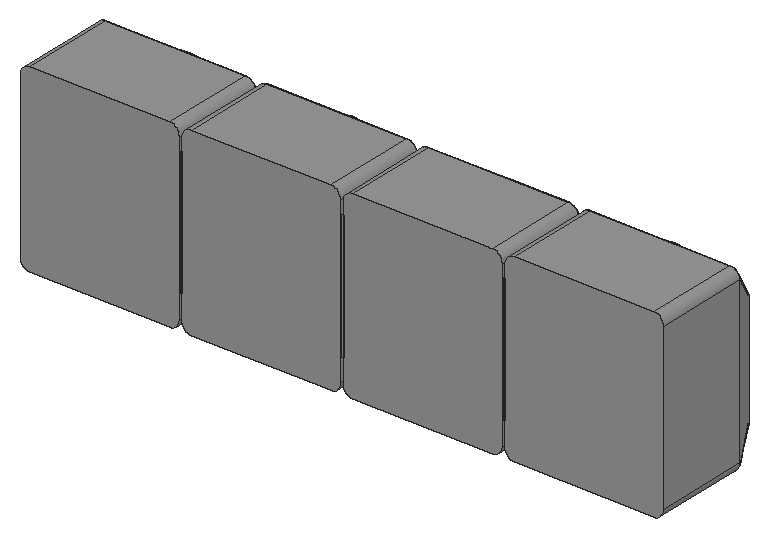
Revit family "IEK_РозеткаСетевая_ОткрытойУстановки_C ЗК с КР 16А четырехместная IP54_ГЕРМЕС PLUS", category Электрические приборы, Revit 2019
Family settings
  Сохранять ориентацию аннотаций = Да
  Размер круглого соединителя = Использовать диаметр
  Тип детали = Нормальный
  На основе рабочей плоскости = Нет
  Всегда вертикально = Да
  При загрузке вырезать с полостями = Нет
  Общий = Нет
  Точка расчета площади = Нет
Parameters (values of type "РСб24-3-ГПБд")
  Ширина = 290 mm  # constant formula
  Тип монтажа = "Поверхность монтажа (открытая установка)"  # constant formula
  Степень защиты = "IP54"  # constant formula
  Материал крышки = Цвет дымчатый
  Изготовитель = "IEK"  # constant formula
  Дата изменения = ""
  Глубина = 52 mm  # constant formula
  Высота = 72 mm  # constant formula
  ΔХ [instance] = 2000 mm
  ΔY [instance] = 2000 mm
  KSI_CPr_Строительные изделия = "20.4.03.04 20.4.03.05 20.4.03.06"  # constant formula
  KSI_CMa_Строительные материалы = "01.7.14.03"  # constant formula
  IEK_Цена за единицу = 1217.23  # constant formula
  IEK_Поиск в таблице имен = ""
  IEK_Описание = "Изделия серии \"ГЕРМЕС PLUS\" используются в помещениях с повышенной влажностью или запыленностью, а также под навесом на открытом воздухе."
  IEK_URL = "https://www.iek.ru/products/catalog/izdeliya_elektroustanovochnye_udliniteli_i_silovye_razemy/elektroustanovochnye_izdeliya/elektroustanovochnye_izdeliya_otkrytogo_montazha_ip44_ip54/elektroustanovochnye_izdeliya_germes_plus/rozetka_4_mestnaya_dlya_otkrytoy_ustanovki_rsb24_3_gpbd_s_zazemlyayushchim_kontaktom_ip54_germes_plus_tsvet_kryshki_dymchatyy_iek"
  ADSK_Ток [instance] = 16 A  # constant formula
  ADSK_Примечание = ""
  ADSK_Полная мощность [instance] = ADSK_Номинальная мощность / ADSK_Коэффициент мощности  # 3520 VA
  ADSK_Позиция [instance] = ""
  ADSK_Номинальная мощность [instance] = ADSK_Ток * ADSK_Напряжение * sqrt(ADSK_Количество фаз числовое) * ADSK_Коэффициент мощности  # 3520 W
  ADSK_Напряжение = 220 V
  ADSK_Наименование = "Розетка 4-местная для открытой установки РСб24-3-ГПБд с заземляющим контактом IP54 ГЕРМЕС PLUS (цвет крышки: дымчатый) IEK"
  ADSK_Материал обозначение = ""
  ADSK_Материал наименование = "Пластик"  # constant formula
  ADSK_Материал = Цвет белый
  ADSK_Масса = 0.513  # constant formula
  ADSK_Марка = "ГЕРМЕС PLUS"  # constant formula
  ADSK_Коэффициент мощности [instance] = 1  # constant formula
  ADSK_Количество фаз числовое = 1
  ADSK_Количество фаз = 1
  ADSK_Код изделия = "ERMP42-K03-16-54-EC"
  ADSK_Классификация нагрузок [instance] = Прочее
  ADSK_Завод-изготовитель = "IEK"  # constant formula
  ADSK_Единица измерения = "шт"  # constant formula
  ADSK_Группирование = "III ЭЛЕКТРОУСТАНОВОЧНЫЕ И ЭЛЕКТРОМОНТАЖНЫЕ ИЗДЕЛИЯ"  # constant formula
  ADSK_Версия семейства = "1.0"  # constant formula
  ADSK_Версия Revit = "2019"  # constant formula
  ADSK_URL страницы изделия = "https://www.iek.ru/products/catalog/izdeliya_elektroustanovochnye_udliniteli_i_silovye_razemy/elektroustanovochnye_izdeliya/elektroustanovochnye_izdeliya_otkrytogo_montazha_ip44_ip54/elektroustanovochnye_izdeliya_germes_plus/?pagec=100"
Types (3, lengths in mm): name | Материал крышки | IEK_URL | ADSK_Наименование | ADSK_Код изделия
  (no name) | Цвет дымчатый | "https://www.iek.ru/products/catalog/izdeliya_elektroustanovochnye_udliniteli_i_silovye_razemy/elektroustanovochnye_izdeliya/elektroustanovochnye_izdeliya_otkrytogo_montazha_ip44_ip54/elektroustanovochnye_izdeliya_germes_plus/rozetka_4_mestnaya_dlya_otkrytoy_ustanovki_rsb24_3_gpbd_s_zazemlyayushchim_kontaktom_ip54_germes_plus_tsvet_kryshki_dymchatyy_iek" | "Розетка 4-местная для открытой установки РСб24-3-ГПБд с заземляющим контактом IP54 ГЕРМЕС PLUS (цвет крышки: дымчатый) IEK" | "ERMP42-K03-16-54-EC"
  РСб24-3-ГПБб | Цвет белый | "https://www.iek.ru/products/catalog/izdeliya_elektroustanovochnye_udliniteli_i_silovye_razemy/elektroustanovochnye_izdeliya/elektroustanovochnye_izdeliya_otkrytogo_montazha_ip44_ip54/elektroustanovochnye_izdeliya_germes_plus/rozetka_4_mestnaya_dlya_otkrytoy_ustanovki_rsb24_3_gpbb_s_zazemlyayushchim_kontaktom_ip54_germes_plus_belyy_iek" | "Розетка 4-местная для открытой установки РСб24-3-ГПБб с заземляющим контактом IP54 ГЕРМЕС PLUS белый IEK" | "ERMP42-K01-16-54-EC"
  РСб24-3-ГПБд | Цвет дымчатый | "https://www.iek.ru/products/catalog/izdeliya_elektroustanovochnye_udliniteli_i_silovye_razemy/elektroustanovochnye_izdeliya/elektroustanovochnye_izdeliya_otkrytogo_montazha_ip44_ip54/elektroustanovochnye_izdeliya_germes_plus/rozetka_4_mestnaya_dlya_otkrytoy_ustanovki_rsb24_3_gpbd_s_zazemlyayushchim_kontaktom_ip54_germes_plus_tsvet_kryshki_dymchatyy_iek" | "Розетка 4-местная для открытой установки РСб24-3-ГПБд с заземляющим контактом IP54 ГЕРМЕС PLUS (цвет крышки: дымчатый) IEK" | "ERMP42-K03-16-54-EC"
Reference planes
  plane 1 "По центру (Вперед/Назад)": y = 0
  plane 2: z = 0
  plane 3 "По центру (Влево/Вправо)": x = 0
  plane 4 "Высота ножек": z = 280
  plane 5 "Высота": z = 2081.496
  plane 6: x = -2000
  plane 7: y = 2000
Forms (mm)
  Extrusion 1, solid, material "Цвет белый" <- "ADSK_Материал", detail levels fine
    sketch origin (-33, 0, 37.5) x (1, 0, 0) y (0, 0, -1)
      loop
        line (-32.5, 33.5) -> (-32.5, -33.45)
        arc (-32.5, -33.45) -> (-31.314, -36.314) -> (-28.45, -37.5) r 4.05
        line (-28.45, -37.5) -> (28.5, -37.5)
        arc (28.5, -37.5) -> (31.328, -36.328) -> (32.5, -33.5) r 4
        line (32.5, -33.5) -> (32.5, 33.5)
        arc (32.5, 33.5) -> (31.328, 36.328) -> (28.5, 37.5) r 4
        line (28.5, 37.5) -> (-28.5, 37.5)
        arc (-28.5, 37.5) -> (-31.328, 36.328) -> (-32.5, 33.5) r 4
    from 0 to 38.682
  Blend 2, solid, material "Цвет белый" <- "ADSK_Материал", detail levels fine
    base sketch origin (-33, 0, 37.5) x (1, 0, 0) y (0, 0, -1)
      loop
        line (-32.5, 33.5) -> (-32.5, -33.5)
        arc (-32.5, -33.5) -> (-31.328, -36.328) -> (-28.5, -37.5) r 4
        line (-28.5, -37.5) -> (28.5, -37.5)
        arc (28.5, -37.5) -> (31.328, -36.328) -> (32.5, -33.5) r 4
        line (32.5, -33.5) -> (32.5, 33.5)
        arc (32.5, 33.5) -> (31.328, 36.328) -> (28.5, 37.5) r 4
        line (28.5, 37.5) -> (-28.5, 37.5)
        arc (-28.5, 37.5) -> (-31.328, 36.328) -> (-32.5, 33.5) r 4
    top sketch origin (-33, 0, 37.5) x (1, 0, 0) y (0, 0, -1)
      loop
        line (-30.1, 23.034) -> (-30.1, -24.041)
        arc (-30.1, -24.041) -> (-29.819, -24.719) -> (-29.141, -25) r 0.959
        line (-29.141, -25) -> (29.141, -25)
        arc (29.141, -25) -> (29.819, -24.719) -> (30.1, -24.041) r 0.959
        line (30.1, -24.041) -> (30.1, 23.034)
        arc (30.1, 23.034) -> (29.819, 23.712) -> (29.141, 23.993) r 0.959
        line (29.141, 23.993) -> (-29.141, 23.993)
        arc (-29.141, 23.993) -> (-29.819, 23.712) -> (-30.1, 23.034) r 0.959
    from 38.682 to 46.099
  Extrusion 3, void
    sketch origin (-32.975, 0, 37.5) x (1, 0, 0) y (0, 0, -1)
      loop
        arc (-16.762, -9.964) -> (-0.012, -19.5) -> (16.75, -9.984) r 19.5
        line (16.75, -9.984) -> (16.75, -2.25) -> (19.37, -2.25)
        arc (19.37, -2.25) -> (19.5, 0) -> (19.37, 2.25) r 19.5
        line (19.37, 2.25) -> (16.75, 2.25) -> (16.75, 9.984)
        arc (16.75, 9.984) -> (0, 19.5) -> (-16.75, 9.984) r 19.5
        line (-16.75, 9.984) -> (-16.75, 2.25) -> (-19.37, 2.25)
        arc (-19.37, 2.25) -> (-19.5, 0) -> (-19.37, -2.25) r 19.5
        line (-19.37, -2.25) -> (-16.75, -2.25) -> (-16.762, -9.964)
    from 26.4 to 46.099
  Extrusion 4, void
    sketch origin (-32.975, 0, 37.5) x (1, 0, 0) y (0, 0, -1)
      loop
        circle (-9.525, 0) r 2.758
      loop
        circle (9.525, 0) r 2.758
    from 26.4 to 5.7
  Extrusion 5, void
    sketch origin (-33, 0, 39.041) x (1, 0, 0) y (0, 0, -1)
      loop
        arc (-28.5, -24.189) -> (-27.914, -25.603) -> (-26.5, -26.189) r 2
        line (-26.5, -26.189) -> (26.5, -26.189)
        arc (26.5, -26.189) -> (27.914, -25.603) -> (28.5, -24.189) r 2
        line (28.5, -24.189) -> (28.5, 37.041)
        arc (28.5, 37.041) -> (27.914, 38.456) -> (26.5, 39.041) r 2
        line (26.5, 39.041) -> (-26.5, 39.041)
        arc (-26.5, 39.041) -> (-27.914, 38.456) -> (-28.5, 37.041) r 2
        line (-28.5, 37.041) -> (-28.5, -24.189)
      loop
        line (5, 26.541) -> (-5, 26.541) -> (-15.069, 16.168)
        arc (-15.069, 16.168) -> (-21, 1.541) -> (-15.069, -13.085) r 21
        line (-15.069, -13.085) -> (-5, -23.459) -> (5, -23.459) -> (15.069, -13.085)
        arc (15.069, -13.085) -> (21, 1.541) -> (15.069, 16.168) r 21
        line (15.069, 16.168) -> (5, 26.541)
    from 38.682 to 46.099
  Extrusion 6, void
    sketch origin (-33, 0, 37.5) x (1, 0, 0) y (0, 0, -1)
      loop
        line (-22.764, -27) -> (-14.278, -27)
        arc (-14.278, -27) -> (0, -32.5) -> (14.278, -27) r 21.282
        line (14.278, -27) -> (22.764, -27) -> (22.764, 26.4) -> (-22.764, 26.4) -> (-22.764, -27)
    from 43.6 to 46.099
  Extrusion 7, solid, material "Цвет дымчатый" <- "Материал крышки", detail levels fine
    sketch origin (-32.975, 0, 37.5) x (0, 0, -1) y (0, 1, 0)
      loop
        line (23.993, 46.099) -> (-27, 46.099) -> (-27, 45.121) -> (23.993, 45.121) -> (35.72, 38.682) -> (37.5, 38.682) -> (23.993, 46.099)
    from -28 to 28
  Extrusion 8, solid, material "Цвет дымчатый" <- "Материал крышки", detail levels fine
    sketch origin (-32.975, 0, 37.5) x (1, 0, 0) y (0, 0, -1)
      loop
        arc (-14.278, -27) -> (0, -32.5) -> (14.278, -27) r 21.282
        line (14.278, -27) -> (-14.278, -27)
    from 45.121 to 46.099
  Blend 9, solid, material "Цвет белый" <- "ADSK_Материал", detail levels fine
    base sketch origin (33, 0, 37.5) x (1, 0, 0) y (0, 0, -1)
      loop
        line (-32.5, 33.5) -> (-32.5, -33.5)
        arc (-32.5, -33.5) -> (-31.328, -36.328) -> (-28.5, -37.5) r 4
        line (-28.5, -37.5) -> (28.5, -37.5)
        arc (28.5, -37.5) -> (31.328, -36.328) -> (32.5, -33.5) r 4
        line (32.5, -33.5) -> (32.5, 33.5)
        arc (32.5, 33.5) -> (31.328, 36.328) -> (28.5, 37.5) r 4
        line (28.5, 37.5) -> (-28.5, 37.5)
        arc (-28.5, 37.5) -> (-31.328, 36.328) -> (-32.5, 33.5) r 4
    top sketch origin (33, 0, 37.5) x (1, 0, 0) y (0, 0, -1)
      loop
        line (-30.1, 23.034) -> (-30.1, -24.041)
        arc (-30.1, -24.041) -> (-29.819, -24.719) -> (-29.141, -25) r 0.959
        line (-29.141, -25) -> (29.141, -25)
        arc (29.141, -25) -> (29.819, -24.719) -> (30.1, -24.041) r 0.959
        line (30.1, -24.041) -> (30.1, 23.034)
        arc (30.1, 23.034) -> (29.819, 23.712) -> (29.141, 23.993) r 0.959
        line (29.141, 23.993) -> (-29.141, 23.993)
        arc (-29.141, 23.993) -> (-29.819, 23.712) -> (-30.1, 23.034) r 0.959
    from 38.682 to 46.099
  Extrusion 10, solid, material "Цвет белый" <- "ADSK_Материал", detail levels fine
    sketch origin (33, 0, 37.5) x (1, 0, 0) y (0, 0, -1)
      loop
        line (-32.5, 33.5) -> (-32.5, -33.45)
        arc (-32.5, -33.45) -> (-31.314, -36.314) -> (-28.45, -37.5) r 4.05
        line (-28.45, -37.5) -> (28.5, -37.5)
        arc (28.5, -37.5) -> (31.328, -36.328) -> (32.5, -33.5) r 4
        line (32.5, -33.5) -> (32.5, 33.5)
        arc (32.5, 33.5) -> (31.328, 36.328) -> (28.5, 37.5) r 4
        line (28.5, 37.5) -> (-28.5, 37.5)
        arc (-28.5, 37.5) -> (-31.328, 36.328) -> (-32.5, 33.5) r 4
    from 0 to 38.682
  Extrusion 11, void
    sketch origin (33.025, 0, 37.5) x (1, 0, 0) y (0, 0, -1)
      loop
        arc (-16.762, -9.964) -> (-0.012, -19.5) -> (16.75, -9.984) r 19.5
        line (16.75, -9.984) -> (16.75, -2.25) -> (19.37, -2.25)
        arc (19.37, -2.25) -> (19.5, 0) -> (19.37, 2.25) r 19.5
        line (19.37, 2.25) -> (16.75, 2.25) -> (16.75, 9.984)
        arc (16.75, 9.984) -> (0, 19.5) -> (-16.75, 9.984) r 19.5
        line (-16.75, 9.984) -> (-16.75, 2.25) -> (-19.37, 2.25)
        arc (-19.37, 2.25) -> (-19.5, 0) -> (-19.37, -2.25) r 19.5
        line (-19.37, -2.25) -> (-16.75, -2.25) -> (-16.762, -9.964)
    from 26.4 to 46.099
  Extrusion 12, void
    sketch origin (33.025, 0, 37.5) x (1, 0, 0) y (0, 0, -1)
      loop
        circle (-9.525, 0) r 2.758
      loop
        circle (9.525, 0) r 2.758
    from 26.4 to 5.7
  Extrusion 13, void
    sketch origin (33, 0, 39.041) x (1, 0, 0) y (0, 0, -1)
      loop
        arc (-28.5, -24.189) -> (-27.914, -25.603) -> (-26.5, -26.189) r 2
        line (-26.5, -26.189) -> (26.5, -26.189)
        arc (26.5, -26.189) -> (27.914, -25.603) -> (28.5, -24.189) r 2
        line (28.5, -24.189) -> (28.5, 37.041)
        arc (28.5, 37.041) -> (27.914, 38.456) -> (26.5, 39.041) r 2
        line (26.5, 39.041) -> (-26.5, 39.041)
        arc (-26.5, 39.041) -> (-27.914, 38.456) -> (-28.5, 37.041) r 2
        line (-28.5, 37.041) -> (-28.5, -24.189)
      loop
        line (5, 26.541) -> (-5, 26.541) -> (-15.069, 16.168)
        arc (-15.069, 16.168) -> (-21, 1.541) -> (-15.069, -13.085) r 21
        line (-15.069, -13.085) -> (-5, -23.459) -> (5, -23.459) -> (15.069, -13.085)
        arc (15.069, -13.085) -> (21, 1.541) -> (15.069, 16.168) r 21
        line (15.069, 16.168) -> (5, 26.541)
    from 38.682 to 46.099
  Extrusion 14, void
    sketch origin (33, 0, 37.5) x (1, 0, 0) y (0, 0, -1)
      loop
        line (-22.764, -27) -> (-14.278, -27)
        arc (-14.278, -27) -> (0, -32.5) -> (14.278, -27) r 21.282
        line (14.278, -27) -> (22.764, -27) -> (22.764, 26.4) -> (-22.764, 26.4) -> (-22.764, -27)
    from 43.6 to 46.099
  Extrusion 15, solid, material "Цвет дымчатый" <- "Материал крышки", detail levels fine
    sketch origin (33, 0, 37.5) x (0, 0, -1) y (0, 1, 0)
      loop
        line (23.993, 46.099) -> (-27, 46.099) -> (-27, 45.121) -> (23.993, 45.121) -> (35.72, 38.682) -> (37.5, 38.682) -> (23.993, 46.099)
    from -28 to 28
  Extrusion 16, solid, material "Цвет дымчатый" <- "Материал крышки", detail levels fine
    sketch origin (33, 0, 37.5) x (1, 0, 0) y (0, 0, -1)
      loop
        arc (-14.278, -27) -> (0, -32.5) -> (14.278, -27) r 21.282
        line (14.278, -27) -> (-14.278, -27)
    from 45.121 to 46.099
  Extrusion 17, solid, material "Цвет белый" <- "ADSK_Материал", detail levels fine
    sketch origin (0, 0, 37.5) x (1, 0, 0) y (0, 0, -1)
      loop
        line (-0.5, 23.775) -> (-0.5, -28.284) -> (0.5, -28.284) -> (0.5, 23.775) -> (-0.5, 23.775)
    from 0 to 15
  Blend 18, solid, material "Цвет белый" <- "ADSK_Материал", detail levels fine
    base sketch origin (99, 0, 37.5) x (1, 0, 0) y (0, 0, -1)
      loop
        line (-32.5, 33.5) -> (-32.5, -33.5)
        arc (-32.5, -33.5) -> (-31.328, -36.328) -> (-28.5, -37.5) r 4
        line (-28.5, -37.5) -> (28.5, -37.5)
        arc (28.5, -37.5) -> (31.328, -36.328) -> (32.5, -33.5) r 4
        line (32.5, -33.5) -> (32.5, 33.5)
        arc (32.5, 33.5) -> (31.328, 36.328) -> (28.5, 37.5) r 4
        line (28.5, 37.5) -> (-28.5, 37.5)
        arc (-28.5, 37.5) -> (-31.328, 36.328) -> (-32.5, 33.5) r 4
    top sketch origin (99, 0, 37.5) x (1, 0, 0) y (0, 0, -1)
      loop
        line (-30.1, 23.034) -> (-30.1, -24.041)
        arc (-30.1, -24.041) -> (-29.819, -24.719) -> (-29.141, -25) r 0.959
        line (-29.141, -25) -> (29.141, -25)
        arc (29.141, -25) -> (29.819, -24.719) -> (30.1, -24.041) r 0.959
        line (30.1, -24.041) -> (30.1, 23.034)
        arc (30.1, 23.034) -> (29.819, 23.712) -> (29.141, 23.993) r 0.959
        line (29.141, 23.993) -> (-29.141, 23.993)
        arc (-29.141, 23.993) -> (-29.819, 23.712) -> (-30.1, 23.034) r 0.959
    from 38.682 to 46.099
  Extrusion 19, solid, material "Цвет белый" <- "ADSK_Материал", detail levels fine
    sketch origin (66, 0, 37.5) x (1, 0, 0) y (0, 0, -1)
      loop
        line (-0.5, 23.775) -> (-0.5, -28.284) -> (0.5, -28.284) -> (0.5, 23.775) -> (-0.5, 23.775)
    from 0 to 15
  Extrusion 20, solid, material "Цвет белый" <- "ADSK_Материал", detail levels fine
    sketch origin (99, 0, 37.5) x (1, 0, 0) y (0, 0, -1)
      loop
        line (-32.5, 33.5) -> (-32.5, -33.45)
        arc (-32.5, -33.45) -> (-31.314, -36.314) -> (-28.45, -37.5) r 4.05
        line (-28.45, -37.5) -> (28.5, -37.5)
        arc (28.5, -37.5) -> (31.328, -36.328) -> (32.5, -33.5) r 4
        line (32.5, -33.5) -> (32.5, 33.5)
        arc (32.5, 33.5) -> (31.328, 36.328) -> (28.5, 37.5) r 4
        line (28.5, 37.5) -> (-28.5, 37.5)
        arc (-28.5, 37.5) -> (-31.328, 36.328) -> (-32.5, 33.5) r 4
    from 0 to 38.682
  Extrusion 21, solid, material "Цвет белый" <- "ADSK_Материал", detail levels fine
    sketch origin (-99, 0, 37.5) x (1, 0, 0) y (0, 0, -1)
      loop
        line (-32.5, 33.5) -> (-32.5, -33.45)
        arc (-32.5, -33.45) -> (-31.314, -36.314) -> (-28.45, -37.5) r 4.05
        line (-28.45, -37.5) -> (28.5, -37.5)
        arc (28.5, -37.5) -> (31.328, -36.328) -> (32.5, -33.5) r 4
        line (32.5, -33.5) -> (32.5, 33.5)
        arc (32.5, 33.5) -> (31.328, 36.328) -> (28.5, 37.5) r 4
        line (28.5, 37.5) -> (-28.5, 37.5)
        arc (-28.5, 37.5) -> (-31.328, 36.328) -> (-32.5, 33.5) r 4
    from 0 to 38.682
  Blend 22, solid, material "Цвет белый" <- "ADSK_Материал", detail levels fine
    base sketch origin (-99, 0, 37.5) x (1, 0, 0) y (0, 0, -1)
      loop
        line (-32.5, 33.5) -> (-32.5, -33.5)
        arc (-32.5, -33.5) -> (-31.328, -36.328) -> (-28.5, -37.5) r 4
        line (-28.5, -37.5) -> (28.5, -37.5)
        arc (28.5, -37.5) -> (31.328, -36.328) -> (32.5, -33.5) r 4
        line (32.5, -33.5) -> (32.5, 33.5)
        arc (32.5, 33.5) -> (31.328, 36.328) -> (28.5, 37.5) r 4
        line (28.5, 37.5) -> (-28.5, 37.5)
        arc (-28.5, 37.5) -> (-31.328, 36.328) -> (-32.5, 33.5) r 4
    top sketch origin (-99, 0, 37.5) x (1, 0, 0) y (0, 0, -1)
      loop
        line (-30.1, 23.034) -> (-30.1, -24.041)
        arc (-30.1, -24.041) -> (-29.819, -24.719) -> (-29.141, -25) r 0.959
        line (-29.141, -25) -> (29.141, -25)
        arc (29.141, -25) -> (29.819, -24.719) -> (30.1, -24.041) r 0.959
        line (30.1, -24.041) -> (30.1, 23.034)
        arc (30.1, 23.034) -> (29.819, 23.712) -> (29.141, 23.993) r 0.959
        line (29.141, 23.993) -> (-29.141, 23.993)
        arc (-29.141, 23.993) -> (-29.819, 23.712) -> (-30.1, 23.034) r 0.959
    from 38.682 to 46.099
  Extrusion 23, solid, material "Цвет белый" <- "ADSK_Материал", detail levels fine
    sketch origin (-66, 0, 37.5) x (1, 0, 0) y (0, 0, -1)
      loop
        line (-0.5, 23.775) -> (-0.5, -28.284) -> (0.5, -28.284) -> (0.5, 23.775) -> (-0.5, 23.775)
    from 0 to 15
  Extrusion 24, void
    sketch origin (-98.975, 0, 37.5) x (1, 0, 0) y (0, 0, -1)
      loop
        arc (-16.762, -9.964) -> (-0.012, -19.5) -> (16.75, -9.984) r 19.5
        line (16.75, -9.984) -> (16.75, -2.25) -> (19.37, -2.25)
        arc (19.37, -2.25) -> (19.5, 0) -> (19.37, 2.25) r 19.5
        line (19.37, 2.25) -> (16.75, 2.25) -> (16.75, 9.984)
        arc (16.75, 9.984) -> (0, 19.5) -> (-16.75, 9.984) r 19.5
        line (-16.75, 9.984) -> (-16.75, 2.25) -> (-19.37, 2.25)
        arc (-19.37, 2.25) -> (-19.5, 0) -> (-19.37, -2.25) r 19.5
        line (-19.37, -2.25) -> (-16.75, -2.25) -> (-16.762, -9.964)
    from 26.4 to 46.099
  Extrusion 25, void
    sketch origin (-98.975, 0, 37.5) x (1, 0, 0) y (0, 0, -1)
      loop
        circle (-9.525, 0) r 2.758
      loop
        circle (9.525, 0) r 2.758
    from 26.4 to 5.7
  Extrusion 26, void
    sketch origin (99, 0, 37.5) x (1, 0, 0) y (0, 0, -1)
      loop
        arc (-16.762, -9.964) -> (-0.012, -19.5) -> (16.75, -9.984) r 19.5
        line (16.75, -9.984) -> (16.75, -2.25) -> (19.37, -2.25)
        arc (19.37, -2.25) -> (19.5, 0) -> (19.37, 2.25) r 19.5
        line (19.37, 2.25) -> (16.75, 2.25) -> (16.75, 9.984)
        arc (16.75, 9.984) -> (0, 19.5) -> (-16.75, 9.984) r 19.5
        line (-16.75, 9.984) -> (-16.75, 2.25) -> (-19.37, 2.25)
        arc (-19.37, 2.25) -> (-19.5, 0) -> (-19.37, -2.25) r 19.5
        line (-19.37, -2.25) -> (-16.75, -2.25) -> (-16.762, -9.964)
    from 26.4 to 46.099
  Extrusion 27, void
    sketch origin (99, 0, 37.5) x (1, 0, 0) y (0, 0, -1)
      loop
        circle (-9.525, 0) r 2.758
      loop
        circle (9.525, 0) r 2.758
    from 26.4 to 5.7
  Extrusion 28, void
    sketch origin (99, 0, 39.041) x (1, 0, 0) y (0, 0, -1)
      loop
        arc (-28.5, -24.189) -> (-27.914, -25.603) -> (-26.5, -26.189) r 2
        line (-26.5, -26.189) -> (26.5, -26.189)
        arc (26.5, -26.189) -> (27.914, -25.603) -> (28.5, -24.189) r 2
        line (28.5, -24.189) -> (28.5, 37.041)
        arc (28.5, 37.041) -> (27.914, 38.456) -> (26.5, 39.041) r 2
        line (26.5, 39.041) -> (-26.5, 39.041)
        arc (-26.5, 39.041) -> (-27.914, 38.456) -> (-28.5, 37.041) r 2
        line (-28.5, 37.041) -> (-28.5, -24.189)
      loop
        line (5, 26.541) -> (-5, 26.541) -> (-15.069, 16.168)
        arc (-15.069, 16.168) -> (-21, 1.541) -> (-15.069, -13.085) r 21
        line (-15.069, -13.085) -> (-5, -23.459) -> (5, -23.459) -> (15.069, -13.085)
        arc (15.069, -13.085) -> (21, 1.541) -> (15.069, 16.168) r 21
        line (15.069, 16.168) -> (5, 26.541)
    from 38.682 to 46.099
  Extrusion 29, void
    sketch origin (-99, 0, 39.041) x (1, 0, 0) y (0, 0, -1)
      loop
        arc (-28.5, -24.189) -> (-27.914, -25.603) -> (-26.5, -26.189) r 2
        line (-26.5, -26.189) -> (26.5, -26.189)
        arc (26.5, -26.189) -> (27.914, -25.603) -> (28.5, -24.189) r 2
        line (28.5, -24.189) -> (28.5, 37.041)
        arc (28.5, 37.041) -> (27.914, 38.456) -> (26.5, 39.041) r 2
        line (26.5, 39.041) -> (-26.5, 39.041)
        arc (-26.5, 39.041) -> (-27.914, 38.456) -> (-28.5, 37.041) r 2
        line (-28.5, 37.041) -> (-28.5, -24.189)
      loop
        line (5, 26.541) -> (-5, 26.541) -> (-15.069, 16.168)
        arc (-15.069, 16.168) -> (-21, 1.541) -> (-15.069, -13.085) r 21
        line (-15.069, -13.085) -> (-5, -23.459) -> (5, -23.459) -> (15.069, -13.085)
        arc (15.069, -13.085) -> (21, 1.541) -> (15.069, 16.168) r 21
        line (15.069, 16.168) -> (5, 26.541)
    from 38.682 to 46.099
  Extrusion 30, void
    sketch origin (99.25, 0, 37.5) x (1, 0, 0) y (0, 0, -1)
      loop
        line (-22.764, -27) -> (-14.278, -27)
        arc (-14.278, -27) -> (0, -32.5) -> (14.278, -27) r 21.282
        line (14.278, -27) -> (22.764, -27) -> (22.764, 26.4) -> (-22.764, 26.4) -> (-22.764, -27)
    from 43.6 to 46.099
  Extrusion 31, void
    sketch origin (-98.775, 0, 37.5) x (1, 0, 0) y (0, 0, -1)
      loop
        line (-22.764, -27) -> (-14.278, -27)
        arc (-14.278, -27) -> (0, -32.5) -> (14.278, -27) r 21.282
        line (14.278, -27) -> (22.764, -27) -> (22.764, 26.4) -> (-22.764, 26.4) -> (-22.764, -27)
    from 43.6 to 46.099
  Extrusion 32, solid, material "Цвет дымчатый" <- "Материал крышки", detail levels fine
    sketch origin (-99, 0, 37.5) x (0, 0, -1) y (0, 1, 0)
      loop
        line (23.993, 46.099) -> (-27, 46.099) -> (-27, 45.121) -> (23.993, 45.121) -> (35.72, 38.682) -> (37.5, 38.682) -> (23.993, 46.099)
    from -28 to 28
  Extrusion 33, solid, material "Цвет дымчатый" <- "Материал крышки", detail levels fine
    sketch origin (-99, 0, 37.5) x (1, 0, 0) y (0, 0, -1)
      loop
        arc (-14.278, -27) -> (0, -32.5) -> (14.278, -27) r 21.282
        line (14.278, -27) -> (-14.278, -27)
    from 45.121 to 46.099
  Extrusion 34, solid, material "Цвет дымчатый" <- "Материал крышки", detail levels fine
    sketch origin (99, 0, 37.5) x (0, 0, -1) y (0, 1, 0)
      loop
        line (23.993, 46.099) -> (-27, 46.099) -> (-27, 45.121) -> (23.993, 45.121) -> (35.72, 38.682) -> (37.5, 38.682) -> (23.993, 46.099)
    from -28 to 28
  Extrusion 35, solid, material "Цвет дымчатый" <- "Материал крышки", detail levels fine
    sketch origin (99, 0, 37.5) x (1, 0, 0) y (0, 0, -1)
      loop
        arc (-14.278, -27) -> (0, -32.5) -> (14.278, -27) r 21.282
        line (14.278, -27) -> (-14.278, -27)
    from 45.121 to 46.099
  Extrusion 36, solid, detail levels coarse
    sketch origin (0, 0, 0) x (1, 0, 0) y (0, 1, 0)
      loop
        line (-131.5, 0) -> (131.5, 0) -> (131.5, 46.099) -> (-131.5, 46.099) -> (-131.5, 0)
    from 0 to 75
  Extrusion 37, solid, detail levels medium
    sketch origin (0, 0, 0) x (1, 0, 0) y (0, 1, 0)
      loop
        line (-131.5, 46.099) -> (-131.5, 0) -> (131.5, 0) -> (131.5, 46.099) -> (-131.5, 46.099)
    from 0 to 75
Cuts and joins
  Extrusion 24, Extrusion 29, Extrusion 31 cuts Blend 22
  Extrusion 3, Extrusion 5, Extrusion 6 cuts Blend 2
  Extrusion 11, Extrusion 13, Extrusion 14 cuts Blend 9
  Extrusion 26, Extrusion 28, Extrusion 30 cuts Blend 18
  Extrusion 24, Extrusion 25 cuts Extrusion 21
  Extrusion 3, Extrusion 4 cuts Extrusion 1
  Extrusion 11, Extrusion 12 cuts Extrusion 10
  Extrusion 26, Extrusion 27 cuts Extrusion 20
Lines and regions (mm)
  reference lines
    curve 1: line (0, 44.647, 0) -> (0, -55.353, 0)
    curve 2: line (-23.829, 0, 0) -> (76.171, 0, 0)
Dimensions and locks
  locked: plane 4 "Высота ножек" to plane 2 at 280
  plane 5 "Высота" to plane 4 "Высота ножек" = 1801.496 mm
  "ΔХ": plane 6 to curve 1
  "ΔY": plane 7 to curve 2
  aligned and locked: level to plane 2
  aligned and locked: nested 1 to curve 1
  aligned and locked: curve 2 to nested 1
Automatic sketch dimensions
  level to Extrusion 1 sketch curve = 4 mm
  Extrusion 1 sketch curve to plane 3 "По центру (Влево/Вправо)" = 65.5 mm
  Extrusion 1 sketch curve to Extrusion 1 sketch curve = 4 mm
  Extrusion 1 sketch curve to Extrusion 1 sketch curve = 4.05 mm
  Extrusion 1 sketch curve to plane 3 "По центру (Влево/Вправо)" = 4.5 mm  (x2)
  Extrusion 1 sketch curve to plane 3 "По центру (Влево/Вправо)" = 0.5 mm
  level to Extrusion 1 sketch curve = 70.95 mm
  level to Blend 2 sketch curve = 4 mm
  Blend 2 sketch curve to plane 3 "По центру (Влево/Вправо)" = 65.5 mm
  Blend 2 sketch curve to Blend 2 sketch curve = 4 mm  (x2)
  Blend 2 sketch curve to plane 3 "По центру (Влево/Вправо)" = 4.5 mm  (x2)
  Blend 2 sketch curve to plane 3 "По центру (Влево/Вправо)" = 0.5 mm
  level to Blend 2 sketch curve = 71 mm
  level to Blend 2 sketch curve = 14.466 mm  (x2)
  Blend 2 sketch curve to plane 3 "По центру (Влево/Вправо)" = 63.1 mm
  Blend 2 sketch curve to Blend 2 sketch curve = 0.959 mm  (x2)
  Blend 2 sketch curve to plane 3 "По центру (Влево/Вправо)" = 3.859 mm  (x2)
  Blend 2 sketch curve to Blend 2 sketch curve = 47.076 mm
  Extrusion 3 sketch curve to Extrusion 3 sketch curve = 0 mm  (x14)
  level to Extrusion 3 sketch curve = 39.75 mm  (x2)
  Extrusion 3 sketch curve to plane 3 "По центру (Влево/Вправо)" = 52.345 mm
  Extrusion 3 sketch curve to Extrusion 3 sketch curve = 2.62 mm  (x4)
  Extrusion 3 sketch curve to Extrusion 3 sketch curve = 16.75 mm
  Extrusion 3 sketch curve to plane 3 "По центру (Влево/Вправо)" = 16.225 mm
  Extrusion 3 sketch curve to Extrusion 3 sketch curve = 7.734 mm  (x2)
  Extrusion 3 sketch curve to Extrusion 3 sketch curve = 2.25 mm
  Extrusion 3 sketch curve to Extrusion 3 sketch curve = 0.012 mm
  Extrusion 4 sketch curve to plane 3 "По центру (Влево/Вправо)" = 42.5 mm
  Extrusion 4 sketch curve to Extrusion 4 sketch curve = 19.049 mm
  level to Extrusion 4 sketch curve = 37.5 mm
  Extrusion 4 sketch curve to Extrusion 4 sketch curve = 0 mm
  Extrusion 5 sketch curve to Extrusion 5 sketch curve = 0 mm  (x2)
  Extrusion 5 sketch curve to plane 3 "По центру (Влево/Вправо)" = 61.5 mm
  Extrusion 5 sketch curve to Extrusion 5 sketch curve = 2 mm  (x3)
  level to Extrusion 5 sketch curve = 22.874 mm  (x2)
  Extrusion 5 sketch curve to Extrusion 5 sketch curve = 11.431 mm  (x2)
  level to Extrusion 5 sketch curve = 12.5 mm
  Extrusion 5 sketch curve to Extrusion 5 sketch curve = 10.069 mm  (x4)
  Extrusion 5 sketch curve to Extrusion 5 sketch curve = 15.069 mm
  Extrusion 5 sketch curve to Extrusion 5 sketch curve = 10 mm  (x2)
  Extrusion 5 sketch curve to plane 3 "По центру (Влево/Вправо)" = 6.5 mm  (x2)
  Extrusion 5 sketch curve to Extrusion 5 sketch curve = 14.626 mm
  Extrusion 5 sketch curve to Extrusion 5 sketch curve = 10.374 mm
  Extrusion 5 sketch curve to Extrusion 5 sketch curve = 11.104 mm
  level to Extrusion 5 sketch curve = 2 mm
  Extrusion 6 sketch curve to plane 3 "По центру (Влево/Вправо)" = 55.764 mm
  Extrusion 6 sketch curve to Extrusion 6 sketch curve = 8.486 mm  (x2)
  Extrusion 6 sketch curve to Extrusion 6 sketch curve = 14.278 mm
  Extrusion 6 sketch curve to plane 3 "По центру (Влево/Вправо)" = 18.722 mm
  level to Extrusion 6 sketch curve = 64.5 mm
  Extrusion 6 sketch curve to Extrusion 6 sketch curve = 15.782 mm
  level to Extrusion 6 sketch curve = 11.1 mm
  Extrusion 7 sketch curve to plane 1 "По центру (Вперед/Назад)" = 46.099 mm
  level to Extrusion 7 sketch curve = 64.5 mm
  level to Extrusion 7 sketch curve = 13.507 mm  (x2)
  level to Extrusion 7 sketch curve = 1.78 mm
  Extrusion 7 sketch curve to Extrusion 7 sketch curve = 1.78 mm
  Extrusion 7 sketch curve to Extrusion 7 sketch curve = 0.977 mm
  Extrusion 7 sketch curve to Extrusion 7 sketch curve = 6.439 mm
  Extrusion 8 sketch curve to plane 3 "По центру (Влево/Вправо)" = 47.253 mm
  Extrusion 8 sketch curve to Extrusion 8 sketch curve = 14.278 mm
  level to Extrusion 8 sketch curve = 64.5 mm
  Extrusion 8 sketch curve to Extrusion 8 sketch curve = 15.782 mm
  plane 3 "По центру (Влево/Вправо)" to Blend 9 sketch curve = 0.5 mm
  plane 3 "По центру (Влево/Вправо)" to Blend 9 sketch curve = 4.5 mm
  Blend 9 sketch curve to Blend 9 sketch curve = 4 mm  (x2)
  Blend 9 sketch curve to Blend 9 sketch curve = 57 mm  (x2)
  level to Blend 9 sketch curve = 4 mm
  level to Blend 9 sketch curve = 71 mm
  level to Blend 9 sketch curve = 14.466 mm  (x2)
  plane 3 "По центру (Влево/Вправо)" to Blend 9 sketch curve = 2.9 mm
  Blend 9 sketch curve to Blend 9 sketch curve = 0.959 mm  (x2)
  Blend 9 sketch curve to Blend 9 sketch curve = 58.283 mm
  Blend 9 sketch curve to Blend 9 sketch curve = 0 mm
  Blend 9 sketch curve to Blend 9 sketch curve = 47.076 mm
  plane 3 "По центру (Влево/Вправо)" to Extrusion 10 sketch curve = 0.5 mm
  Extrusion 10 sketch curve to Extrusion 10 sketch curve = 4 mm  (x2)
  plane 3 "По центру (Влево/Вправо)" to Extrusion 10 sketch curve = 4.55 mm
  Extrusion 10 sketch curve to Extrusion 10 sketch curve = 56.95 mm
  level to Extrusion 10 sketch curve = 4 mm
  Extrusion 10 sketch curve to Extrusion 10 sketch curve = 57 mm
  level to Extrusion 10 sketch curve = 70.95 mm
  Extrusion 11 sketch curve to Extrusion 11 sketch curve = 0 mm  (x14)
  plane 3 "По центру (Влево/Вправо)" to Extrusion 11 sketch curve = 13.655 mm
  Extrusion 11 sketch curve to Extrusion 11 sketch curve = 2.62 mm  (x4)
  Extrusion 11 sketch curve to Extrusion 11 sketch curve = 16.75 mm  (x2)
  level to Extrusion 11 sketch curve = 47.484 mm
  Extrusion 11 sketch curve to Extrusion 11 sketch curve = 7.734 mm  (x3)
  Extrusion 11 sketch curve to Extrusion 11 sketch curve = 2.25 mm
  Extrusion 11 sketch curve to Extrusion 11 sketch curve = 0.012 mm
  plane 3 "По центру (Влево/Вправо)" to Extrusion 12 sketch curve = 23.5 mm
  Extrusion 12 sketch curve to Extrusion 12 sketch curve = 19.049 mm
  level to Extrusion 12 sketch curve = 37.5 mm
  Extrusion 12 sketch curve to Extrusion 12 sketch curve = 0 mm
  Extrusion 13 sketch curve to Extrusion 13 sketch curve = 0 mm  (x2)
  plane 3 "По центру (Влево/Вправо)" to Extrusion 13 sketch curve = 4.5 mm
  Extrusion 13 sketch curve to Extrusion 13 sketch curve = 2 mm  (x3)
  level to Extrusion 13 sketch curve = 22.874 mm  (x2)
  plane 3 "По центру (Влево/Вправо)" to Extrusion 13 sketch curve = 17.931 mm
  Extrusion 13 sketch curve to Extrusion 13 sketch curve = 11.431 mm  (x3)
  level to Extrusion 13 sketch curve = 12.5 mm
  Extrusion 13 sketch curve to Extrusion 13 sketch curve = 10.069 mm  (x4)
  Extrusion 13 sketch curve to Extrusion 13 sketch curve = 15.069 mm
  Extrusion 13 sketch curve to Extrusion 13 sketch curve = 10 mm  (x2)
  Extrusion 13 sketch curve to Extrusion 13 sketch curve = 14.626 mm
  Extrusion 13 sketch curve to Extrusion 13 sketch curve = 10.374 mm
  Extrusion 13 sketch curve to Extrusion 13 sketch curve = 11.104 mm
  level to Extrusion 13 sketch curve = 2 mm
  plane 3 "По центру (Влево/Вправо)" to Extrusion 14 sketch curve = 10.236 mm
  Extrusion 14 sketch curve to Extrusion 14 sketch curve = 8.486 mm  (x2)
  Extrusion 14 sketch curve to Extrusion 14 sketch curve = 14.278 mm  (x2)
  level to Extrusion 14 sketch curve = 64.5 mm
  Extrusion 14 sketch curve to Extrusion 14 sketch curve = 15.782 mm
  level to Extrusion 14 sketch curve = 11.1 mm
  Extrusion 15 sketch curve to plane 1 "По центру (Вперед/Назад)" = 46.099 mm
  level to Extrusion 15 sketch curve = 64.5 mm
  level to Extrusion 15 sketch curve = 13.507 mm  (x2)
  level to Extrusion 15 sketch curve = 1.78 mm
  Extrusion 15 sketch curve to Extrusion 15 sketch curve = 1.78 mm
  Extrusion 15 sketch curve to Extrusion 15 sketch curve = 0.977 mm
  Extrusion 15 sketch curve to Extrusion 15 sketch curve = 6.439 mm
  plane 3 "По центру (Влево/Вправо)" to Extrusion 16 sketch curve = 18.722 mm
  Extrusion 16 sketch curve to Extrusion 16 sketch curve = 14.278 mm
  level to Extrusion 16 sketch curve = 64.5 mm
  Extrusion 16 sketch curve to Extrusion 16 sketch curve = 15.782 mm
  Extrusion 17 sketch curve to plane 3 "По центру (Влево/Вправо)" = 0.5 mm
  plane 3 "По центру (Влево/Вправо)" to Extrusion 17 sketch curve = 0.5 mm
  level to Extrusion 17 sketch curve = 65.784 mm
  level to Extrusion 17 sketch curve = 13.725 mm
  level to Blend 18 sketch curve = 4 mm  (x2)
  plane 3 "По центру (Влево/Вправо)" to Blend 18 sketch curve = 66.5 mm
  Blend 18 sketch curve to Blend 18 sketch curve = 4 mm  (x2)
  Blend 18 sketch curve to Blend 18 sketch curve = 57 mm  (x2)
  level to Blend 18 sketch curve = 71 mm
  level to Blend 18 sketch curve = 14.466 mm  (x2)
  plane 3 "По центру (Влево/Вправо)" to Blend 18 sketch curve = 68.9 mm
  Blend 18 sketch curve to Blend 18 sketch curve = 0.959 mm  (x2)
  Blend 18 sketch curve to Blend 18 sketch curve = 58.283 mm
  Blend 18 sketch curve to Blend 18 sketch curve = 0 mm
  Blend 18 sketch curve to Blend 18 sketch curve = 47.076 mm
  plane 3 "По центру (Влево/Вправо)" to Extrusion 19 sketch curve = 65.5 mm
  Extrusion 19 sketch curve to Extrusion 19 sketch curve = 1 mm
  level to Extrusion 19 sketch curve = 65.784 mm
  level to Extrusion 19 sketch curve = 13.725 mm
  level to Extrusion 20 sketch curve = 4 mm  (x2)
  plane 3 "По центру (Влево/Вправо)" to Extrusion 20 sketch curve = 66.5 mm
  Extrusion 20 sketch curve to Extrusion 20 sketch curve = 4 mm
  Extrusion 20 sketch curve to Extrusion 20 sketch curve = 4.05 mm
  Extrusion 20 sketch curve to Extrusion 20 sketch curve = 56.95 mm
  Extrusion 20 sketch curve to Extrusion 20 sketch curve = 57 mm
  level to Extrusion 20 sketch curve = 70.95 mm
  level to Extrusion 21 sketch curve = 4 mm  (x2)
  Extrusion 21 sketch curve to plane 3 "По центру (Влево/Вправо)" = 131.5 mm
  Extrusion 21 sketch curve to Extrusion 21 sketch curve = 4 mm
  Extrusion 21 sketch curve to Extrusion 21 sketch curve = 4.05 mm
  Extrusion 21 sketch curve to Extrusion 21 sketch curve = 56.95 mm
  Extrusion 21 sketch curve to Extrusion 21 sketch curve = 57 mm
  level to Extrusion 21 sketch curve = 70.95 mm
  level to Blend 22 sketch curve = 4 mm  (x2)
  Blend 22 sketch curve to plane 3 "По центру (Влево/Вправо)" = 131.5 mm
  Blend 22 sketch curve to Blend 22 sketch curve = 4 mm  (x2)
  Blend 22 sketch curve to Blend 22 sketch curve = 57 mm  (x2)
  level to Blend 22 sketch curve = 71 mm
  level to Blend 22 sketch curve = 14.466 mm  (x2)
  Blend 22 sketch curve to plane 3 "По центру (Влево/Вправо)" = 129.1 mm
  Blend 22 sketch curve to Blend 22 sketch curve = 0.959 mm  (x2)
  Blend 22 sketch curve to Blend 22 sketch curve = 58.283 mm
  Blend 22 sketch curve to Blend 22 sketch curve = 0 mm
  Blend 22 sketch curve to Blend 22 sketch curve = 47.076 mm
  Extrusion 23 sketch curve to plane 3 "По центру (Влево/Вправо)" = 66.5 mm
  Extrusion 23 sketch curve to Extrusion 23 sketch curve = 1 mm
  level to Extrusion 23 sketch curve = 65.784 mm
  level to Extrusion 23 sketch curve = 13.725 mm
  Extrusion 24 sketch curve to Extrusion 24 sketch curve = 0 mm  (x14)
  level to Extrusion 24 sketch curve = 39.75 mm  (x2)
  Extrusion 24 sketch curve to plane 3 "По центру (Влево/Вправо)" = 118.345 mm
  Extrusion 24 sketch curve to Extrusion 24 sketch curve = 2.62 mm  (x4)
  Extrusion 24 sketch curve to Extrusion 24 sketch curve = 16.75 mm  (x2)
  Extrusion 24 sketch curve to Extrusion 24 sketch curve = 7.734 mm  (x2)
  Extrusion 24 sketch curve to Extrusion 24 sketch curve = 2.25 mm
  Extrusion 24 sketch curve to Extrusion 24 sketch curve = 0.012 mm
  level to Extrusion 25 sketch curve = 37.5 mm
  Extrusion 25 sketch curve to plane 3 "По центру (Влево/Вправо)" = 108.5 mm
  Extrusion 25 sketch curve to Extrusion 25 sketch curve = 19.049 mm
  Extrusion 25 sketch curve to Extrusion 25 sketch curve = 0 mm
  Extrusion 26 sketch curve to Extrusion 26 sketch curve = 0 mm  (x14)
  level to Extrusion 26 sketch curve = 39.75 mm  (x2)
  plane 3 "По центру (Влево/Вправо)" to Extrusion 26 sketch curve = 79.63 mm
  Extrusion 26 sketch curve to Extrusion 26 sketch curve = 2.62 mm  (x4)
  Extrusion 26 sketch curve to Extrusion 26 sketch curve = 16.75 mm  (x2)
  Extrusion 26 sketch curve to Extrusion 26 sketch curve = 7.734 mm  (x2)
  Extrusion 26 sketch curve to Extrusion 26 sketch curve = 2.25 mm
  Extrusion 26 sketch curve to Extrusion 26 sketch curve = 0.012 mm
  level to Extrusion 27 sketch curve = 37.5 mm
  plane 3 "По центру (Влево/Вправо)" to Extrusion 27 sketch curve = 89.475 mm
  Extrusion 27 sketch curve to Extrusion 27 sketch curve = 19.049 mm
  Extrusion 27 sketch curve to Extrusion 27 sketch curve = 0 mm
  Extrusion 28 sketch curve to Extrusion 28 sketch curve = 0 mm  (x2)
  plane 3 "По центру (Влево/Вправо)" to Extrusion 28 sketch curve = 70.5 mm
  Extrusion 28 sketch curve to Extrusion 28 sketch curve = 2 mm  (x3)
  level to Extrusion 28 sketch curve = 22.874 mm  (x2)
  Extrusion 28 sketch curve to Extrusion 28 sketch curve = 11.431 mm  (x4)
  level to Extrusion 28 sketch curve = 52.126 mm  (x2)
  level to Extrusion 28 sketch curve = 12.5 mm
  Extrusion 28 sketch curve to Extrusion 28 sketch curve = 10.069 mm  (x3)
  Extrusion 28 sketch curve to Extrusion 28 sketch curve = 15.069 mm
  Extrusion 28 sketch curve to Extrusion 28 sketch curve = 10 mm  (x2)
  Extrusion 28 sketch curve to Extrusion 28 sketch curve = 10.374 mm
  Extrusion 28 sketch curve to Extrusion 28 sketch curve = 11.104 mm
  level to Extrusion 28 sketch curve = 2 mm
  Extrusion 29 sketch curve to Extrusion 29 sketch curve = 0 mm  (x2)
  Extrusion 29 sketch curve to plane 3 "По центру (Влево/Вправо)" = 127.5 mm
  Extrusion 29 sketch curve to Extrusion 29 sketch curve = 2 mm  (x3)
  level to Extrusion 29 sketch curve = 22.874 mm  (x2)
  Extrusion 29 sketch curve to Extrusion 29 sketch curve = 11.431 mm  (x4)
  level to Extrusion 29 sketch curve = 52.126 mm  (x2)
  level to Extrusion 29 sketch curve = 12.5 mm
  Extrusion 29 sketch curve to Extrusion 29 sketch curve = 10.069 mm  (x3)
  level to Extrusion 29 sketch curve = 62.5 mm
  Extrusion 29 sketch curve to Extrusion 29 sketch curve = 15.069 mm
  Extrusion 29 sketch curve to Extrusion 29 sketch curve = 10 mm  (x2)
  Extrusion 29 sketch curve to Extrusion 29 sketch curve = 11.104 mm
  level to Extrusion 29 sketch curve = 2 mm
  level to Extrusion 30 sketch curve = 64.5 mm
  plane 3 "По центру (Влево/Вправо)" to Extrusion 30 sketch curve = 76.486 mm
  Extrusion 30 sketch curve to Extrusion 30 sketch curve = 8.486 mm  (x2)
  Extrusion 30 sketch curve to Extrusion 30 sketch curve = 14.278 mm  (x2)
  Extrusion 30 sketch curve to Extrusion 30 sketch curve = 15.782 mm
  level to Extrusion 30 sketch curve = 11.1 mm
  level to Extrusion 31 sketch curve = 64.5 mm
  Extrusion 31 sketch curve to plane 3 "По центру (Влево/Вправо)" = 121.539 mm
  Extrusion 31 sketch curve to Extrusion 31 sketch curve = 8.486 mm  (x2)
  Extrusion 31 sketch curve to Extrusion 31 sketch curve = 14.278 mm  (x2)
  Extrusion 31 sketch curve to Extrusion 31 sketch curve = 15.782 mm
  level to Extrusion 31 sketch curve = 11.1 mm
  Extrusion 32 sketch curve to plane 1 "По центру (Вперед/Назад)" = 46.099 mm
  level to Extrusion 32 sketch curve = 64.5 mm
  level to Extrusion 32 sketch curve = 13.507 mm  (x2)
  level to Extrusion 32 sketch curve = 1.78 mm
  Extrusion 32 sketch curve to Extrusion 32 sketch curve = 1.78 mm
  Extrusion 32 sketch curve to Extrusion 32 sketch curve = 0.977 mm
  Extrusion 32 sketch curve to Extrusion 32 sketch curve = 6.439 mm
  level to Extrusion 33 sketch curve = 64.5 mm
  Extrusion 33 sketch curve to plane 3 "По центру (Влево/Вправо)" = 113.278 mm
  Extrusion 33 sketch curve to Extrusion 33 sketch curve = 14.278 mm
  Extrusion 33 sketch curve to Extrusion 33 sketch curve = 15.782 mm
  Extrusion 34 sketch curve to plane 1 "По центру (Вперед/Назад)" = 46.099 mm
  level to Extrusion 34 sketch curve = 64.5 mm
  level to Extrusion 34 sketch curve = 13.507 mm  (x2)
  level to Extrusion 34 sketch curve = 1.78 mm
  Extrusion 34 sketch curve to Extrusion 34 sketch curve = 1.78 mm
  Extrusion 34 sketch curve to Extrusion 34 sketch curve = 0.977 mm
  Extrusion 34 sketch curve to Extrusion 34 sketch curve = 6.439 mm
  plane 3 "По центру (Влево/Вправо)" to Extrusion 35 sketch curve = 84.722 mm
  Extrusion 35 sketch curve to Extrusion 35 sketch curve = 14.278 mm
  level to Extrusion 35 sketch curve = 64.5 mm
  Extrusion 35 sketch curve to Extrusion 35 sketch curve = 15.782 mm
  plane 1 "По центру (Вперед/Назад)" to Extrusion 36 sketch curve = 0 mm
  Extrusion 36 sketch curve to plane 1 "По центру (Вперед/Назад)" = 46.099 mm
  Extrusion 36 sketch curve to plane 3 "По центру (Влево/Вправо)" = 131.5 mm
  plane 3 "По центру (Влево/Вправо)" to Extrusion 36 sketch curve = 131.5 mm
  plane 1 "По центру (Вперед/Назад)" to Extrusion 37 sketch curve = 0 mm
  Extrusion 37 sketch curve to plane 3 "По центру (Влево/Вправо)" = 131.5 mm
  plane 3 "По центру (Влево/Вправо)" to Extrusion 37 sketch curve = 131.5 mm
  Extrusion 37 sketch curve to plane 1 "По центру (Вперед/Назад)" = 46.099 mm
  curve 2 to plane 3 "По центру (Влево/Вправо)" = 23.829 mm
  plane 3 "По центру (Влево/Вправо)" to curve 2 = 76.171 mm
  plane 1 "По центру (Вперед/Назад)" to curve 1 = 55.353 mm
  curve 1 to plane 1 "По центру (Вперед/Назад)" = 44.647 mm
  radius of Extrusion 4 sketch curve = 2.758 mm  (x2)
  radius of Extrusion 12 sketch curve = 2.758 mm  (x2)
  radius of Extrusion 25 sketch curve = 2.758 mm  (x2)
  radius of Extrusion 27 sketch curve = 2.758 mm  (x2)
Nested families
  nested 1: "УГО Розетки" at (0, 0, 0), type "2PE-O", detail levels coarse+medium
    with Количество в блоке "4Б", Блок розеток yes, IP44 yes
Connectors
  electrical at (0, 0, 37.5), driven by "ADSK_Количество фаз", driven by "ADSK_Классификация нагрузок", driven by "ADSK_Напряжение", driven by "ADSK_Номинальная мощность", driven by "ADSK_Коэффициент мощности"
    settings: on Extrusion 36, index 1, voltage 220 V, apparent load 0 VA, apparent load phase1 3520 VA, apparent load phase2 0 VA, apparent load phase3 0 VA, power factor 1, load classification "Прочее", number of poles 1, system type 31, power factor state 1, is connector primary yes, connector utility no, sub classification motor no, connector description ""
Definition of nested family "УГО Розетки"
  Parameters (values of type "3PE-O")
    Количество в блоке [instance] = ""
    Блок розеток [instance] = no
    IP44 [instance] = no
    3PE-O = yes
    3PE-C = no
    2PE-O = no
    2PE-C = no
    2P-O = no
    2P-C = no
  Types (6, lengths in mm): name | 3PE-O | 3PE-C | 2PE-O | 2PE-C | 2P-O | 2P-C
    2P-O | no | no | no | no | yes | no
    3PE-O | yes | no | no | no | no | no
    2P-C | no | no | no | no | no | yes
    2PE-C | no | no | no | yes | no | no
    2PE-O | no | no | yes | no | no | no
    3PE-C | no | yes | no | no | no | no
  Reference planes
    plane 1: y = 0
    plane 2: x = 0
  Lines and regions (mm)
    Filled region 1, type "Цветовая область 1", visible <- "IP44"
      outline origin (0, 0, 0) x (1, 0, 0) y (0, 1, 0)
        loop
          line (-2.5, 0) -> (2.5, 0)
          arc (2.5, 0) -> (0, 2.5) -> (-2.5, 0) r 2.5
    Filled region 2, type "Цветовая область 1", visible <- "IP44", not visible
      outline origin (0, 0, 0) x (1, 0, 0) y (0, 1, 0)
        loop
          line (-2.5, 4.664) -> (2.5, 4.664)
          arc (2.5, 4.664) -> (0, 7.164) -> (-2.5, 4.664) r 2.5
    detail lines
      curve 1: line (-2.5, 0, 0) -> (2.5, 0, 0)
      curve 3: line (0, 2.5, 0) -> (0, 5, 0)
      curve 4: arc (-2.5, 0, 0) -> (0, 2.5, 0) -> (2.5, 0, 0) r 2.5
    detail lines, visible <- "3PE-C"
      curve 2: line (0, 0, 0) -> (0, 2.5, 0)
      curve 5: line (-2.5, 2.5, 0) -> (2.5, 2.5, 0)
      curve 17: line (0, 2.5, 0) -> (1.768, 4.268, 0)
      curve 18: line (0, 2.5, 0) -> (-1.768, 4.268, 0)
    detail lines, not visible
      curve 6: line (-2.5, 4.664, 0) -> (2.5, 4.664, 0)
      curve 8: line (0, 7.164, 0) -> (0, 9.664, 0)
      curve 9: arc (-2.5, 4.664, 0) -> (0, 7.164, 0) -> (2.5, 4.664, 0) r 2.5
    detail lines, visible <- "3PE-C", not visible
      curve 7: line (0, 4.664, 0) -> (0, 7.164, 0)
      curve 10: line (-2.5, 7.164, 0) -> (2.5, 7.164, 0)
      curve 23: line (0, 7.164, 0) -> (1.768, 8.932, 0)
      curve 24: line (0, 7.164, 0) -> (-1.768, 8.932, 0)
    detail lines, visible <- "3PE-O"
      curve 11: line (-2.5, 2.5, 0) -> (2.5, 2.5, 0)
      curve 19: line (0, 2.5, 0) -> (1.768, 4.268, 0)
      curve 20: line (0, 2.5, 0) -> (-1.768, 4.268, 0)
    detail lines, visible <- "3PE-O", not visible
      curve 12: line (-2.5, 7.164, 0) -> (2.5, 7.164, 0)
      curve 25: line (0, 7.164, 0) -> (1.768, 8.932, 0)
      curve 26: line (0, 7.164, 0) -> (-1.768, 8.932, 0)
    detail lines, visible <- "2PE-C"
      curve 13: line (0, 0, 0) -> (0, 2.5, 0)
      curve 22: line (-2.5, 2.5, 0) -> (2.5, 2.5, 0)
    detail lines, visible <- "2P-C"
      curve 14: line (0, 0, 0) -> (0, 2.5, 0)
    detail lines, visible <- "2PE-C", not visible
      curve 15: line (0, 4.664, 0) -> (0, 7.164, 0)
      curve 28: line (-2.5, 7.164, 0) -> (2.5, 7.164, 0)
    detail lines, visible <- "2P-C", not visible
      curve 16: line (0, 4.664, 0) -> (0, 7.164, 0)
    detail lines, visible <- "2PE-O"
      curve 21: line (-2.5, 2.5, 0) -> (2.5, 2.5, 0)
    detail lines, visible <- "2PE-O", not visible
      curve 27: line (-2.5, 7.164, 0) -> (2.5, 7.164, 0)
    reference lines
      curve 29: line (100, 9.605, 0) -> (100, -3.971, 0)
  Text (mm)
    label "3" at (1.908, 5.573, 0), shows "Количество в блоке", visible <- "Блок розеток"
    label "3" at (1.908, 10.237, 0), shows "Количество в блоке", visible <- "Блок розеток", not visible
  Dimensions and locks
    aligned and locked: Filled region 1 sketch curve to curve 4
    aligned and locked: Filled region 2 sketch curve to curve 9
